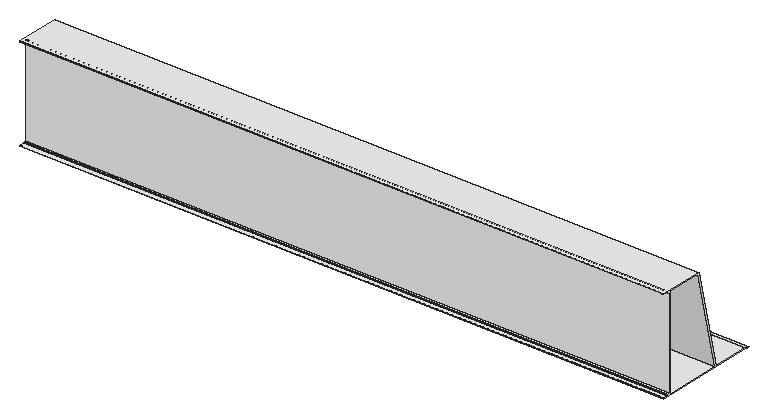
Revit family
Parameters (values of type "219mm Deep")
  Opening Width [instance] = 1200.0 mm
  Material Lintol = Metal - Glavanised Steel
  Lintol Toe = 95.0 mm
  Lintol Offset from Ext = 102.5 mm
  Lintol Length [instance] = Opening Width + (2 * Lintol Bearing)  # 1500.0 mm
  Lintol Depth = 219.0 mm
  Lintol Bearing = 150.0 mm
  Keynote = "F30/750"
  Inner Leaf Bearing = 100.0 mm
  Cavity Width = 50.0 mm
  Box Width = 85.0 mm
Types (2, lengths in mm): name | Lintol Depth
  143mm Deep | 143.0
  219mm Deep | 219.0
Reference planes
  plane 1 "Wall": y = -11.298
  plane 2 "Center (Left/Right)": x = 161.814
  plane 3 "Back": y = 138.702
  plane 4 "U/S Lintol": z = 1859.118
  plane 5: x = 761.814
  plane 6: x = -438.186
  plane 7: x = 911.814
  plane 8: x = -588.186
  plane 9: y = 36.202
  plane 10: y = 131.202
  plane 11: y = -98.798
  plane 12: y = -113.798
  plane 13: y = -13.798
Forms (mm)
  Extrusion 1, solid, material "Metal - Glavanised Steel" <- "Material Lintol"
    sketch origin (161.814, 0, 0) x (0, 1, 0) y (0, 0, 1)
      loop
        line (131.202, 1856.118) -> (120.006, 1859.118) -> (36.202, 1859.118) -> (-13.798, 2075.118) -> (-113.798, 2075.118) -> (-113.798, 2073.618) -> (-103.798, 2073.618) -> (-103.798, 2072.118) -> (-100.798, 2072.118)
        arc (-100.798, 2072.118) -> (-99.384, 2071.532) -> (-98.798, 2070.118) r 2
        line (-98.798, 2070.118) -> (-98.798, 1861.118)
        arc (-98.798, 1861.118) -> (-99.384, 1859.703) -> (-100.798, 1859.118) r 2
        line (-100.798, 1859.118) -> (-103.798, 1859.118) -> (-103.798, 1857.618) -> (-113.798, 1857.618) -> (-113.798, 1856.118) -> (106.202, 1856.118) -> (106.202, 1857.618) -> (119.808, 1857.618) -> (130.814, 1854.669) -> (131.202, 1856.118)
      loop
        line (35.009, 1857.618) -> (-14.991, 2073.618) -> (-97.298, 2073.618) -> (-97.298, 1857.618) -> (35.009, 1857.618)
    from -750 to 750
  Extrusion 2, void
    sketch origin (161.814, 0, 0) x (0, -1, 0) y (0, 0, 1)
      loop
        line (13.798, 2075.118) -> (-36.202, 1859.118) -> (161.298, 1859.118) -> (161.298, 2075.118) -> (13.798, 2075.118)
    from -750 to 750
Text (mm)
  text "Placement side" at (-1848.837, 1116.779, 0), in view "Ref. Level"
  text "Placement side" at (0, 1409.804, 2854.306), in view "Left"
  text "Placement side" at (0, 499.811, 2980.732), in view "Right"
Dimensions and locks
  locked: plane 3 "Back" to host wall
  equal spacing: plane 5, plane 2 "Center (Left/Right)", plane 6
  "Opening Width": plane 5 to plane 6
  "Lintol Bearing": plane 7 to plane 5
  "Lintol Bearing": plane 6 to plane 8
  plane 7 to plane 8 = 1500.0 mm
  "Lintol Offset from Ext": plane 3 "Back" to plane 9
  "Cavity Width": plane 9 to plane 13
  "Lintol Toe": plane 10 to plane 9
  "Inner Leaf Bearing": plane 13 to plane 12
  "Box Width": plane 13 to plane 11
  "Lintol Depth": Extrusion 1 sketch curve to Extrusion 1 sketch curve
  aligned and locked: plane 1 "Wall" to host wall
  aligned and locked: plane 4 "U/S Lintol" to Extrusion 1 sketch curve
  aligned and locked: Extrusion 1 sketch curve to plane 12  (x2)
  aligned and locked: plane 11 to Extrusion 1 sketch curve
  aligned and locked: plane 7 to Extrusion 1
  aligned and locked: Extrusion 1 to plane 8
  aligned and locked: Extrusion 2 sketch curve to plane 4 "U/S Lintol"
  aligned and locked: host wall to Extrusion 2 sketch curve
  aligned and locked: Extrusion 2 to plane 8
  aligned and locked: plane 7 to Extrusion 2
Automatic sketch dimensions
  Extrusion 1 sketch curve to plane 4 "U/S Lintol" = 0.0 mm
  Extrusion 1 sketch curve to plane 13 = 0.0 mm
  Extrusion 1 sketch curve to plane 9 = 0.0 mm
  Extrusion 1 sketch curve to plane 10 = 0.0 mm
  plane 4 "U/S Lintol" to Extrusion 1 sketch curve = 1.5 mm  (x3)
  Extrusion 1 sketch curve to plane 11 = 5.0 mm  (x2)
  Extrusion 1 sketch curve to Extrusion 1 sketch curve = 2.0 mm
  Extrusion 1 sketch curve to plane 11 = 2.0 mm
  plane 11 to Extrusion 1 sketch curve = 1.5 mm
  Extrusion 1 sketch curve to plane 13 = 1.192 mm
  Extrusion 1 sketch curve to plane 9 = 1.192 mm
  Extrusion 1 sketch curve to plane 10 = 25.0 mm
  Extrusion 1 sketch curve to plane 10 = 11.394 mm
  Extrusion 1 sketch curve to Extrusion 1 sketch curve = 0.197 mm
  Extrusion 1 sketch curve to plane 10 = 0.388 mm
  Extrusion 1 sketch curve to Extrusion 1 sketch curve = 1.5 mm  (x3)
  Extrusion 1 sketch curve to Extrusion 1 sketch curve = 3.5 mm
  Extrusion 2 sketch curve to plane 9 = 0.0 mm
  Extrusion 2 sketch curve to plane 13 = 0.0 mm
  Extrusion 2 sketch curve to plane 4 "U/S Lintol" = 216.0 mm
